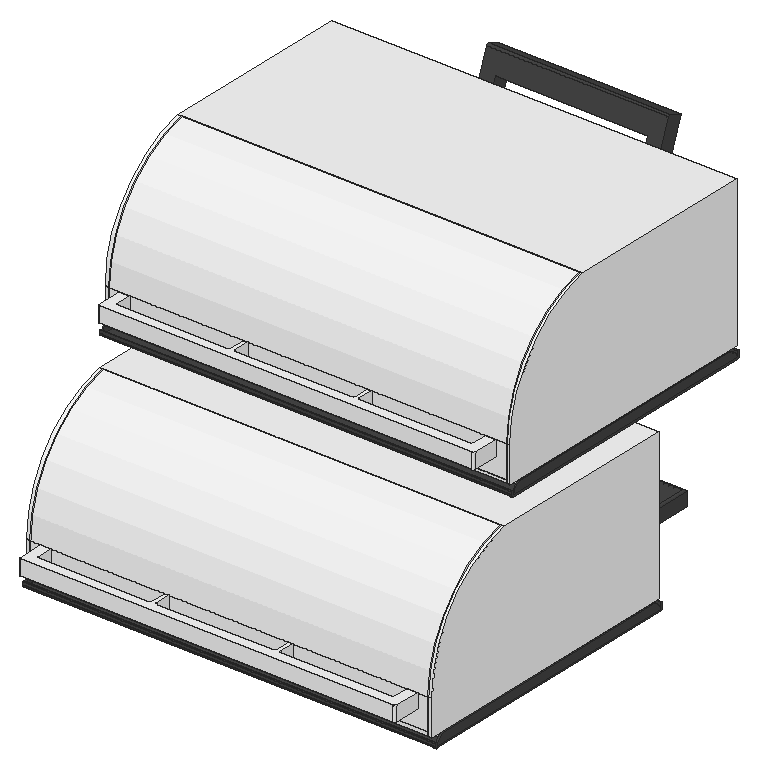
Revit family "QF_Vollrath_ANBCF-06", category Specialty Equipment, Revit 2016
Family settings
  Part Type = Normal
  Round Connector Dimension = Use Diameter
  OmniClass Number = 23.40.40.00
  OmniClass Title = Food Service Equipment and Furnishings
  Work Plane-Based = Yes
  Always vertical = Yes
  Cut with Voids When Loaded = No
  Shared = No
  Room Calculation Point = No
Parameters
  Width = 20 3/8"
  Weight in Pounds = 0
  Watermarked By = ""
  URL Cutsheet = ""
  Specification by User [instance] = ""
  Specification by Manufacturer [instance] = ""
  Serial Number [instance] = ""
  Revision Code [instance] = ""
  NAFEM Spec ID Number [instance] = ""
  Model = "ANBCF-06"
  Masterspec [instance] = ""
  Manufacturer = "Vollrath"
  Item Number [instance] = "-"
  Installed By [instance] = ""
  Height = 17 5/8"
  Furnished By [instance] = ""
  Foodservice Equipment Identifier = yes
  Description = "Set 2 Nose Case & Angled Stand"
  Depth = 22"
  Default Elevation = 48"
  CSI MasterFormat = ""
Reference planes (in)
  plane 1 "BACK": y = 0
  plane 2 "BOTTOM": z = 0
  plane 3 "LEFT": x = -16.56573
  plane 4 "RIGHT": x = 3.80927
  plane 5 "FRONT": y = -22
  plane 6 "TOP": z = 17.625
  plane 7 "Center LR": x = -6.37823
  plane 8 "Top of Lower Support": z = 0.75
  plane 9: y = -15
  plane 10 "L1": x = -11.37823
  plane 11: x = -1.37823
  plane 12 "L2": x = -10.87823
  plane 13: x = -1.87823
  plane 14: z = 9.0625
  plane 15 "Top of Upper Support": z = 9.8125
Forms (in)
  Sweep 1, solid, material "QF_Steel-Paint Finish-Black"
    path origin (0, 0, 0) x (1, 0, 0) y (0, 1, 0)
      loop
        line (-11.37823, 0) -> (-11.37823, -15) -> (-1.37823, -15) -> (-1.37823, 0) -> (-11.37823, 0)
    profile origin (-6.37823, 0, 0) x (0, 1, 0) y (0, 0, 1)
      loop
        line (0, 0) -> (0, 0.64844)
        arc (0, 0.64844) -> (-0.02975, 0.72025) -> (-0.10156, 0.75) r 0.10156
        line (-0.10156, 0.75) -> (-0.5, 0.75) -> (-0.5, 0.67969) -> (-0.10156, 0.67969)
        arc (-0.10156, 0.67969) -> (-0.07947, 0.67053) -> (-0.07031, 0.64844) r 0.03125
        line (-0.07031, 0.64844) -> (-0.07031, 0) -> (0, 0)
  Extrusion 2, solid, material "QF_Steel-Paint Finish-Black"
    sketch origin (0, 0, 0.75) x (0, 1, 0) y (-1, 0, 0)
      loop
        line (-0.5, 10.87823) -> (-14.5, 10.87823) -> (-14.5, 1.87823) -> (-0.5, 1.87823) -> (-0.5, 10.87823)
    from 0 to -0.07031
  Extrusion 3, solid, material "QF_Steel-Paint Finish-Black"
    sketch origin (-16.56573, 0, 0) x (0, 1, 0) y (0, 0, 1)
      loop
        line (-21.89844, 0.75) -> (-8.10156, 0.75)
        arc (-8.10156, 0.75) -> (-8.02975, 0.77975) -> (-8, 0.85156) r 0.10156
        line (-8, 0.85156) -> (-8, 1.13781) -> (-8.07031, 1.13781) -> (-8.07031, 0.85156)
        arc (-8.07031, 0.85156) -> (-8.07947, 0.82947) -> (-8.10156, 0.82031) r 0.03125
        line (-8.10156, 0.82031) -> (-21.89844, 0.82031)
        arc (-21.89844, 0.82031) -> (-21.92053, 0.82947) -> (-21.92969, 0.85156) r 0.03125
        line (-21.92969, 0.85156) -> (-21.92969, 1) -> (-22, 1) -> (-22, 0.85156)
        arc (-22, 0.85156) -> (-21.97025, 0.77975) -> (-21.89844, 0.75) r 0.10156
      loop
        line (-17.1661, 9.8125) -> (-3.36923, 9.8125)
        arc (-3.36923, 9.8125) -> (-3.29741, 9.84225) -> (-3.26766, 9.91406) r 0.10156
        line (-3.26766, 9.91406) -> (-3.26766, 10.20031) -> (-3.33798, 10.20031) -> (-3.33798, 9.91406)
        arc (-3.33798, 9.91406) -> (-3.34713, 9.89197) -> (-3.36923, 9.88281) r 0.03125
        line (-3.36923, 9.88281) -> (-17.1661, 9.88281)
        arc (-17.1661, 9.88281) -> (-17.1882, 9.89197) -> (-17.19735, 9.91406) r 0.03125
        line (-17.19735, 9.91406) -> (-17.19735, 10.0625) -> (-17.26766, 10.0625) -> (-17.26766, 9.91406)
        arc (-17.26766, 9.91406) -> (-17.23792, 9.84225) -> (-17.1661, 9.8125) r 0.10156
    from 0 to 20.375
  Extrusion 4, solid, material "QF_Steel-Paint Finish-Black"
    sketch origin (-10.87823, 0, 0) x (0, 1, 0) y (0, 0, 1)
      loop
        line (-6, 0.75) -> (0.27144, 17.08766) -> (-0.33393, 17.32004)
        arc (-0.33393, 17.32004) -> (-0.41164, 17.318) -> (-0.46514, 17.26162) r 0.10156
        line (-0.46514, 17.26162) -> (-6.80336, 0.75) -> (-6, 0.75)
    from 0 to 9
  Extrusion 5, void
    sketch origin (0, 0, 0) x (1, 0, 0) y (0, 0, 1)
      loop
        line (-10.12823, 16.33766) -> (-10.12823, 1.5) -> (-2.62823, 1.5) -> (-2.62823, 16.33766) -> (-10.12823, 16.33766)
    from 0 to 6.74612
  Sweep 6, solid, material "QF_Steel-Paint Finish-Black"
    path origin (0, 0, 9.8125) x (0, 1, 0) y (-1, 0, 0)
      loop
        line (0, 11.37823) -> (-15, 11.37823) -> (-15, 1.37823) -> (0, 1.37823) -> (0, 11.37823)
    profile origin (-6.37823, 0, 9.8125) x (0, 1, 0) y (0, 0, 1)
      loop
        line (0, -0.75) -> (0, -0.10156)
        arc (0, -0.10156) -> (-0.02975, -0.02975) -> (-0.10156, 0) r 0.10156
        line (-0.10156, 0) -> (-0.5, 0) -> (-0.5, -0.07031) -> (-0.10156, -0.07031)
        arc (-0.10156, -0.07031) -> (-0.07947, -0.07947) -> (-0.07031, -0.10156) r 0.03125
        line (-0.07031, -0.10156) -> (-0.07031, -0.75) -> (0, -0.75)
  Extrusion 7, solid, material "QF_Steel-Paint Finish-Black"
    sketch origin (0, 0, 9.8125) x (0, 1, 0) y (-1, 0, 0)
      loop
        line (-14.5, 1.87823) -> (-0.5, 1.87823) -> (-0.5, 10.87823) -> (-14.5, 10.87823) -> (-14.5, 1.87823)
    from 0 to -0.07031
  Extrusion 8, void
    sketch origin (-11.37823, 0, 0) x (0, 1, 0) y (0, 0, 1)
      loop
        line (-2.64119, 9.0625) -> (0, 9.0625) -> (0, 9.8125) -> (-2.35329, 9.8125) -> (-2.64119, 9.0625)
    from 0 to 10
  Extrusion 9, solid, material "QF_Steel-Paint Finish-Black"
    sketch origin (-16.56573, 0, 0) x (0, 1, 0) y (0, 0, 1)
      loop
        line (-21.89844, 0.75) -> (-8.10156, 0.75)
        arc (-8.10156, 0.75) -> (-8.24801, 1.10355) -> (-8.60156, 1.25) r 0.5
        line (-8.60156, 1.25) -> (-21.39844, 1.25)
        arc (-21.39844, 1.25) -> (-21.75199, 1.10355) -> (-21.89844, 0.75) r 0.5
      loop
        line (-17.1661, 9.8125) -> (-3.36923, 9.8125)
        arc (-3.36923, 9.8125) -> (-3.51567, 10.16605) -> (-3.86923, 10.3125) r 0.5
        line (-3.86923, 10.3125) -> (-16.6661, 10.3125)
        arc (-16.6661, 10.3125) -> (-17.01966, 10.16605) -> (-17.1661, 9.8125) r 0.5
    from 0 to 0.07031
  Extrusion 10, solid, material "QF_Steel-Paint Finish-Black"
    sketch origin (3.80927, 0, 0) x (0, 1, 0) y (0, 0, 1)
      loop
        line (-21.89844, 0.75) -> (-8.10156, 0.75)
        arc (-8.10156, 0.75) -> (-8.24801, 1.10355) -> (-8.60156, 1.25) r 0.5
        line (-8.60156, 1.25) -> (-21.39844, 1.25)
        arc (-21.39844, 1.25) -> (-21.75199, 1.10355) -> (-21.89844, 0.75) r 0.5
      loop
        line (-17.1661, 9.8125) -> (-3.36923, 9.8125)
        arc (-3.36923, 9.8125) -> (-3.51567, 10.16605) -> (-3.86923, 10.3125) r 0.5
        line (-3.86923, 10.3125) -> (-16.6661, 10.3125)
        arc (-16.6661, 10.3125) -> (-17.01966, 10.16605) -> (-17.1661, 9.8125) r 0.5
    from 0 to -0.07031
Cuts and joins
  joined: Sweep 1, Extrusion 2
  Extrusion 5, Extrusion 8 cuts Extrusion 4
  Extrusion 8 cuts Sweep 6
  Extrusion 8 cuts Extrusion 7
  joined: Extrusion 4, Sweep 6, Extrusion 7
Lines and regions (in)
  symbolic lines
    curve 1: line (-1.37823, 0, 9.8125) -> (-11.37823, 0, 9.8125)
    curve 2: line (-11.37823, 0, 9.8125) -> (-11.37823, -8, 9.8125)
    curve 3: line (-1.37823, 0, 9.8125) -> (-1.37823, -8, 9.8125)
    curve 4: line (-16.56573, -3.25, 9.8125) -> (-16.56573, -22, 9.8125)
    curve 5: line (3.80927, -22, 9.8125) -> (3.80927, -3.25, 9.8125)
    curve 6: line (3.80927, -8, 9.8125) -> (3.62177, -8, 9.8125)
    curve 7: line (-16.56573, -8, 9.8125) -> (-16.37823, -8, 9.8125)
    curve 8: line (-16.56573, -22, 9.8125) -> (-16.37823, -22, 9.8125)
    curve 9: line (3.80927, -22, 9.8125) -> (3.62177, -22, 9.8125)
    curve 21: line (-16.37823, -3.25, 9.8125) -> (-16.56573, -3.25, 9.8125)
    curve 22: line (3.62177, -3.25, 9.8125) -> (3.80927, -3.25, 9.8125)
  symbolic lines, style "QF_Details_Undercounter"
    curve 10: line (-11.37823, -8, 9.8125) -> (-11.37823, -15, 9.8125)
    curve 11: line (-11.37823, -15, 9.8125) -> (-1.37823, -15, 9.8125)
    curve 12: line (-1.37823, -15, 9.8125) -> (-1.37823, -8, 9.8125)
  symbolic lines, style "QF_Details_Surface"
    curve 13: line (-10.87823, 0.27144, 9.8125) -> (-1.87823, 0.27144, 9.8125)
    curve 14: line (-10.87823, 0.27144, 9.8125) -> (-10.87823, -6.80336, 9.8125)
    curve 15: line (-1.87823, -6.80336, 9.8125) -> (-1.87823, 0.27144, 9.8125)
    curve 16: line (-1.87823, -6.80336, 9.8125) -> (-10.87823, -6.80336, 9.8125)
    curve 17: line (-10.12823, -0.81982, 9.8125) -> (-2.62823, -0.81982, 9.8125)
    curve 18: line (-2.62823, -6.51546, 9.8125) -> (-10.12823, -6.51546, 9.8125)
    curve 19: line (-10.12823, -0.81982, 9.8125) -> (-10.12823, -6.51546, 9.8125)
    curve 20: line (-2.62823, -6.51546, 9.8125) -> (-2.62823, -0.81982, 9.8125)
Dimensions and locks (in)
  "Width": plane 3 "LEFT" to plane 4 "RIGHT"
  "Depth": plane 5 "FRONT" to plane 1 "BACK"
  equal spacing: plane 3 "LEFT", plane 7 "Center LR", plane 4 "RIGHT"
  "Height": plane 6 "TOP" to plane 2 "BOTTOM"
  locked: plane 8 "Top of Lower Support" to plane 2 "BOTTOM" at 0.75
  locked: plane 9 to plane 1 "BACK" at 15
  equal spacing: plane 10 "L1", plane 7 "Center LR", plane 11, locked at 5 each
  equal spacing: plane 12 "L2", plane 7 "Center LR", plane 13
  locked: plane 15 "Top of Upper Support" to plane 14 at 0.75
  plane 6 "TOP" to plane 15 "Top of Upper Support" = 7 13/16"
  aligned and locked: level to plane 2 "BOTTOM"
  aligned and locked: plane 1 "BACK" to Sweep 1 sketch curve
  aligned and locked: plane 10 "L1" to Sweep 1 sketch curve
  aligned and locked: Sweep 1 sketch curve to plane 9
  aligned and locked: Sweep 1 sketch curve to plane 11
  aligned and locked: profile plane to Sweep 1 sketch curve
  aligned and locked: Sweep 1 sketch curve to profile plane
  aligned and locked: Sweep 1 sketch curve to plane 8 "Top of Lower Support"
  aligned and locked: Extrusion 2 sketch curve to Sweep 1  (x4)
  aligned and locked: plane 4 "RIGHT" to Extrusion 3
  aligned and locked: plane 13 to Extrusion 4
  aligned and locked: profile plane to Sweep 6 sketch curve
  aligned and locked: plane 7 "Center LR" to nested 2
  aligned and locked: plane 7 "Center LR" to nested 1
  aligned and locked: plane 5 "FRONT" to nested 1
  aligned and locked: curve 1 to plane 1 "BACK"
  aligned and locked: curve 2 to plane 10 "L1"
  aligned and locked: curve 3 to plane 11
  aligned and locked: curve 4 to Extrusion 3
  aligned and locked: curve 5 to Extrusion 3
  aligned and locked: curve 13 to cut or joined group of Extrusion 4, Extrusion 5, Sweep 6, Extrusion 7, Extrusion 8
  aligned and locked: curve 14 to cut or joined group of Extrusion 4, Extrusion 5, Sweep 6, Extrusion 7, Extrusion 8
  aligned and locked: curve 15 to cut or joined group of Extrusion 4, Extrusion 5, Sweep 6, Extrusion 7, Extrusion 8
  aligned and locked: curve 16 to cut or joined group of Extrusion 4, Extrusion 5, Sweep 6, Extrusion 7, Extrusion 8
  aligned and locked: curve 17 to cut or joined group of Extrusion 4, Extrusion 5, Sweep 6, Extrusion 7, Extrusion 8
  aligned and locked: curve 18 to cut or joined group of Extrusion 4, Extrusion 5, Sweep 6, Extrusion 7, Extrusion 8
  aligned and locked: cut or joined group of Extrusion 4, Extrusion 5, Sweep 6, Extrusion 7, Extrusion 8 to curve 19
  aligned and locked: curve 20 to cut or joined group of Extrusion 4, Extrusion 5, Sweep 6, Extrusion 7, Extrusion 8
Automatic sketch dimensions
  Sweep 1 sketch curve to Sweep 1 sketch curve = 0"  (x2)
  Sweep 1 sketch curve to Sweep 1 sketch curve = 9/128"
  Sweep 1 sketch curve to Sweep 1 sketch curve = 1/32"
  Sweep 1 sketch curve to Sweep 1 sketch curve = 51/128"
  Extrusion 3 sketch curve to Extrusion 3 sketch curve = 0"  (x8)
  Extrusion 3 sketch curve to plane 5 "FRONT" = 0"
  Extrusion 3 sketch curve to plane 8 "Top of Lower Support" = 0"
  Extrusion 3 sketch curve to plane 15 "Top of Upper Support" = 0"
  Extrusion 3 sketch curve to Extrusion 3 sketch curve = 9/128"  (x2)
  Extrusion 3 sketch curve to Extrusion 3 sketch curve = 1/32"  (x4)
  plane 15 "Top of Upper Support" to Extrusion 3 sketch curve = 1/4"
  plane 9 to Extrusion 3 sketch curve = 2.26766"
  Extrusion 3 sketch curve to plane 9 = 6 115/128"
  plane 1 "BACK" to Extrusion 3 sketch curve = 3.36923"
  Extrusion 3 sketch curve to Extrusion 3 sketch curve = 19/128"
  Extrusion 3 sketch curve to Extrusion 3 sketch curve = 0.28625"  (x2)
  Extrusion 4 sketch curve to plane 8 "Top of Lower Support" = 0"
  plane 1 "BACK" to Extrusion 4 sketch curve = 6.80336"
  Extrusion 4 sketch curve to Extrusion 4 sketch curve = 0.80336"
  plane 1 "BACK" to Extrusion 4 sketch curve = 0.46514"
  Extrusion 4 sketch curve to Extrusion 4 sketch curve = 0.09482"  (x2)
  Extrusion 4 sketch curve to Extrusion 4 sketch curve = 0.0364"
  Extrusion 4 sketch curve to plane 1 "BACK" = 0.27144"
  Extrusion 4 sketch curve to plane 6 "TOP" = 0.53734"
  plane 12 "L2" to Extrusion 5 sketch curve = 3/4"
  Extrusion 5 sketch curve to plane 13 = 3/4"
  plane 8 "Top of Lower Support" to Extrusion 5 sketch curve = 3/4"
  Extrusion 5 sketch curve to plane 6 "TOP" = 1.28734"
  plane 9 to Sweep 6 sketch curve = 0"
  plane 1 "BACK" to Sweep 6 sketch curve = 0"
  Sweep 6 sketch curve to plane 11 = 0"
  Sweep 6 sketch curve to plane 10 "L1" = 0"
  Sweep 6 sketch curve to Sweep 6 sketch curve = 0"  (x2)
  Sweep 6 sketch curve to plane 15 "Top of Upper Support" = 0"
  Sweep 6 sketch curve to Sweep 6 sketch curve = 9/128"
  Sweep 6 sketch curve to Sweep 6 sketch curve = 1/32"
  Sweep 6 sketch curve to Sweep 6 sketch curve = 51/128"
  Sweep 6 sketch curve to Sweep 6 sketch curve = 83/128"
  Extrusion 7 sketch curve to plane 12 "L2" = 0"
  Extrusion 7 sketch curve to plane 13 = 0"
  Extrusion 7 sketch curve to plane 9 = 1/2"
  plane 1 "BACK" to Extrusion 7 sketch curve = 1/2"
  Extrusion 8 sketch curve to plane 14 = 0"
  Extrusion 8 sketch curve to plane 15 "Top of Upper Support" = 0"
  Extrusion 8 sketch curve to plane 1 "BACK" = 0"
  plane 1 "BACK" to Extrusion 8 sketch curve = 2.35329"
  Extrusion 8 sketch curve to Extrusion 8 sketch curve = 0.2879"
  Extrusion 9 sketch curve to plane 8 "Top of Lower Support" = 0"
  Extrusion 9 sketch curve to plane 15 "Top of Upper Support" = 0"
  Extrusion 9 sketch curve to plane 5 "FRONT" = 13/128"
  plane 8 "Top of Lower Support" to Extrusion 9 sketch curve = 1/2"
  plane 9 to Extrusion 9 sketch curve = 2.1661"
  Extrusion 9 sketch curve to Extrusion 9 sketch curve = 1/2"
  Extrusion 9 sketch curve to plane 9 = 6 51/128"
  plane 1 "BACK" to Extrusion 9 sketch curve = 3.86923"
  Extrusion 10 sketch curve to plane 8 "Top of Lower Support" = 0"
  Extrusion 10 sketch curve to plane 15 "Top of Upper Support" = 0"
  Extrusion 10 sketch curve to plane 5 "FRONT" = 13/128"
  plane 8 "Top of Lower Support" to Extrusion 10 sketch curve = 1/2"
  plane 9 to Extrusion 10 sketch curve = 2.1661"
  Extrusion 10 sketch curve to Extrusion 10 sketch curve = 1/2"
  Extrusion 10 sketch curve to plane 9 = 6 51/128"
  plane 1 "BACK" to Extrusion 10 sketch curve = 3.86923"
  plane 5 "FRONT" to curve 9 = 0"
  plane 5 "FRONT" to curve 4 = 0"
  plane 9 to curve 11 = 0"
  curve 2 to curve 14 = 1.19664"
  curve 12 to curve 15 = 1.19664"
  plane 1 "BACK" to curve 4 = 3 1/4"
  curve 3 to curve 6 = 0"
  curve 7 to curve 4 = 4 3/4"
  plane 1 "BACK" to curve 5 = 3 1/4"
  curve 22 to plane 4 "RIGHT" = 3/16"
  curve 9 to plane 4 "RIGHT" = 3/16"
  curve 6 to plane 4 "RIGHT" = 3/16"
  plane 3 "LEFT" to curve 8 = 3/16"
  plane 3 "LEFT" to curve 21 = 3/16"
  plane 3 "LEFT" to curve 7 = 3/16"
Nested families (in)
  nested 1: "QF_Vollrath_ANBCF-06_Case" at (0.1875, -8, 0.82031), type "QF_Vollrath_ANBCF-06_Case"
    with Specification by User "", Specification by Manufacturer "", Serial Number "", Revision Code "", NAFEM Spec ID Number "", Masterspec "", Item Number "-", Installed By "", Furnished By ""
  nested 2: "QF_Vollrath_ANBCF-06_Case" at (0.1875, -3.14844, 9.88281), type "QF_Vollrath_ANBCF-06_Case"
    with Specification by User "", Specification by Manufacturer "", Serial Number "", Revision Code "", NAFEM Spec ID Number "", Masterspec "", Item Number "-", Installed By "", Furnished By ""
Definition of nested family "QF_Vollrath_ANBCF-06_Case"
  Parameters
    Width = 20"
    Weight in Pounds = 0
    Watermarked By = ""
    URL Cutsheet = ""
    Specification by User [instance] = ""
    Specification by Manufacturer [instance] = ""
    Serial Number [instance] = ""
    Revision Code [instance] = ""
    NAFEM Spec ID Number [instance] = ""
    Model = "NBC11"
    Masterspec [instance] = ""
    Manufacturer = "Vollrath"
    Item Number [instance] = "-"
    Installed By [instance] = ""
    Height = 7 3/8"
    Furnished By [instance] = ""
    Foodservice Equipment Identifier = yes
    Description = "Full Size Nose Case with Front Door"
    Depth = 14"
    Default Elevation = 48"
    CSI MasterFormat = ""
  Reference planes (in)
    plane 1 "BACK": y = 0
    plane 2 "BOTTOM": z = 0
    plane 3 "LEFT": x = -16.56573
    plane 4 "RIGHT": x = 3.43427
    plane 5 "Front Inner": y = -14
    plane 6 "Bottom of Body": z = 0.38
    plane 7 "TOP": z = 7.755
    plane 8 "Caster Left": x = -16.00573
    plane 9 "Caster Right": x = 2.87427
    plane 10 "Caster Back": y = -0.56
    plane 11 "Caster Front": y = -13
    plane 12 "Center LR": x = -6.56573
    plane 13: x = -15.31573
    plane 14 "Bottom Handle": z = 1.38
    plane 15: z = 2.13
    plane 16: y = -15.37
  Forms (in)
    Extrusion 1, solid
      sketch origin (0, 0, 0) x (1, 0, 0) y (0, 0, 1)
        loop
          line (-16.39573, 0.38) -> (3.26427, 0.38) -> (3.26427, 0.55) -> (-16.39573, 0.55) -> (-16.39573, 0.38)
      from 0 to 14
    Extrusion 2, solid
      sketch origin (0, 0, 0) x (1, 0, 0) y (0, 0, 1)
        loop
          line (3.26427, 7.505) -> (-16.39573, 7.505) -> (-16.39573, 0.55) -> (3.26427, 0.55) -> (3.26427, 7.505)
      from 0 to 0.17
    Blend 3, solid
      base sketch origin (0, 0, 0) x (1, 0, 0) y (0, 1, 0)
        loop
          circle (-16.00573, -0.56) r 0.35
      top sketch origin (0, 0, 0) x (1, 0, 0) y (0, 1, 0)
        loop
          circle (-16.00573, -0.56) r 0.38
      from 0 to 0.38
    Blend 4, solid
      base sketch origin (0, 0, 0) x (1, 0, 0) y (0, 1, 0)
        loop
          circle (2.87427, -0.56) r 0.35
      top sketch origin (0, 0, 0) x (1, 0, 0) y (0, 1, 0)
        loop
          circle (2.87427, -0.56) r 0.38
      from 0 to 0.38
    Blend 5, solid
      base sketch origin (0, 0, 0) x (1, 0, 0) y (0, 1, 0)
        loop
          circle (-16.00573, -13) r 0.35
      top sketch origin (0, 0, 0) x (1, 0, 0) y (0, 1, 0)
        loop
          circle (-16.00573, -13) r 0.38
      from 0 to 0.38
    Blend 6, solid
      base sketch origin (0, 0, 0) x (1, 0, 0) y (0, 1, 0)
        loop
          circle (2.87427, -13) r 0.35
      top sketch origin (0, 0, 0) x (1, 0, 0) y (0, 1, 0)
        loop
          circle (2.87427, -13) r 0.38
      from 0 to 0.38
    Extrusion 7, solid
      sketch origin (-16.56573, 0, 0) x (0, 1, 0) y (0, 0, 1)
        loop
          line (-14, 0.38) -> (0, 0.38) -> (0, 7.755) -> (-9.5, 7.755)
          arc (-9.5, 7.755) -> (-12.73657, 5.73176) -> (-14, 2.13) r 5.76562
          line (-14, 2.13) -> (-14, 0.38)
      from 0 to 0.17188
    Extrusion 8, solid
      sketch origin (3.43427, 0, 0) x (0, 1, 0) y (0, 0, 1)
        loop
          line (0, 7.755) -> (-9.5, 7.755)
          arc (-9.5, 7.755) -> (-12.73657, 5.73176) -> (-14, 2.13) r 5.76563
          line (-14, 2.13) -> (-14, 0.38) -> (0, 0.38) -> (0, 7.755)
      from 0 to -0.17188
    Extrusion 9, solid
      sketch origin (-16.56573, 0, 0) x (0, 1, 0) y (0, 0, 1)
        loop
          line (0, 7.755) -> (-9.5, 7.755) -> (-9.5, 7.505) -> (0, 7.505) -> (0, 7.755)
      from 0 to 20
    Extrusion 10, solid
      sketch origin (-16.56573, 0, 0) x (0, 1, 0) y (0, 0, 1)
        loop
          arc (-9.5, 7.755) -> (-12.73657, 5.73176) -> (-14, 2.13) r 5.76562
          line (-14, 2.13) -> (-14, 0.55) -> (-13.82813, 0.55) -> (-13.82813, 2.13)
          arc (-13.82813, 2.13) -> (-12.61442, 5.60926) -> (-9.5, 7.57869) r 5.59375
          line (-9.5, 7.57869) -> (-9.5, 7.755)
      from 0.17 to 19.83
    Extrusion 11, solid
      sketch origin (0, 0, 1.38) x (0, 1, 0) y (-1, 0, 0)
        loop
          arc (-15.37, -2.63271) -> (-15.34025, -2.70453) -> (-15.26844, -2.73427) r 0.10156
          line (-15.26844, -2.73427) -> (-14, -2.73427) -> (-14, -2.23427) -> (-14.76844, -2.23427)
          arc (-14.76844, -2.23427) -> (-14.84025, -2.20453) -> (-14.87, -2.13271) r 0.10156
          line (-14.87, -2.13271) -> (-14.87, 3.3126)
          arc (-14.87, 3.3126) -> (-14.84025, 3.38442) -> (-14.76844, 3.41416) r 0.10156
          line (-14.76844, 3.41416) -> (-14, 3.41416) -> (-14, 3.58604) -> (-14.76844, 3.58604)
          arc (-14.76844, 3.58604) -> (-14.84025, 3.61578) -> (-14.87, 3.6876) r 0.10156
          line (-14.87, 3.6876) -> (-14.87, 9.44385)
          arc (-14.87, 9.44385) -> (-14.84025, 9.51567) -> (-14.76844, 9.54541) r 0.10156
          line (-14.76844, 9.54541) -> (-14, 9.54541) -> (-14, 9.71729) -> (-14.76844, 9.71729)
          arc (-14.76844, 9.71729) -> (-14.84025, 9.74703) -> (-14.87, 9.81885) r 0.10156
          line (-14.87, 9.81885) -> (-14.87, 15.26416)
          arc (-14.87, 15.26416) -> (-14.84025, 15.33598) -> (-14.76844, 15.36573) r 0.10156
          line (-14.76844, 15.36573) -> (-14, 15.36573) -> (-14, 15.86573) -> (-15.26844, 15.86573)
          arc (-15.26844, 15.86573) -> (-15.34025, 15.83598) -> (-15.37, 15.76416) r 0.10156
          line (-15.37, 15.76416) -> (-15.37, -2.63271)
      from 0 to 0.75
  Cuts and joins
    joined: Extrusion 7, Extrusion 8, Extrusion 9
  Lines and regions (in)
    symbolic lines
      curve 1: line (-16.56573, 0, 0) -> (3.43427, 0, 0)
      curve 2: line (-16.56573, -14, 0) -> (-16.56573, 0, 0)
      curve 3: line (3.43427, -14, 0) -> (-16.56573, -14, 0)
      curve 4: line (3.43427, 0, 0) -> (3.43427, -14, 0)
      curve 5: line (-15.86573, -14, 1.38) -> (-15.86573, -15.26844, 1.38)
      curve 6: arc (-15.86573, -15.26844, 1.38) -> (-15.83598, -15.34025, 1.38) -> (-15.76416, -15.37, 1.38) r 0.10156
      curve 7: line (-15.76416, -15.37, 1.38) -> (2.63271, -15.37, 1.38)
      curve 8: arc (2.63271, -15.37, 1.38) -> (2.70453, -15.34025, 1.38) -> (2.73427, -15.26844, 1.38) r 0.10156
      curve 9: line (2.73427, -15.26844, 1.38) -> (2.73427, -14, 1.38)
      curve 10: line (2.23427, -14, 1.38) -> (2.23427, -14.76844, 1.38)
      curve 11: arc (2.23427, -14.76844, 1.38) -> (2.20453, -14.84025, 1.38) -> (2.13271, -14.87, 1.38) r 0.10156
      curve 12: line (2.13271, -14.87, 1.38) -> (-3.3126, -14.87, 1.38)
      curve 13: arc (-3.3126, -14.87, 1.38) -> (-3.38442, -14.84025, 1.38) -> (-3.41416, -14.76844, 1.38) r 0.10156
      curve 14: line (-3.41416, -14.76844, 1.38) -> (-3.41416, -14, 1.38)
      curve 15: line (-3.58604, -14, 1.38) -> (-3.58604, -14.76844, 1.38)
      curve 16: arc (-3.58604, -14.76844, 1.38) -> (-3.61578, -14.84025, 1.38) -> (-3.6876, -14.87, 1.38) r 0.10156
      curve 17: line (-3.6876, -14.87, 1.38) -> (-9.44385, -14.87, 1.38)
      curve 18: arc (-9.44385, -14.87, 1.38) -> (-9.51567, -14.84025, 1.38) -> (-9.54541, -14.76844, 1.38) r 0.10156
      curve 19: line (-9.54541, -14.76844, 1.38) -> (-9.54541, -14, 1.38)
      curve 20: line (-9.71729, -14, 1.38) -> (-9.71729, -14.76844, 1.38)
      curve 21: arc (-9.71729, -14.76844, 1.38) -> (-9.74703, -14.84025, 1.38) -> (-9.81885, -14.87, 1.38) r 0.10156
      curve 22: line (-9.81885, -14.87, 1.38) -> (-15.26416, -14.87, 1.38)
      curve 23: arc (-15.26416, -14.87, 1.38) -> (-15.33598, -14.84025, 1.38) -> (-15.36573, -14.76844, 1.38) r 0.10156
      curve 24: line (-15.36573, -14.76844, 1.38) -> (-15.36573, -14, 1.38)
  Dimensions and locks (in)
    "Width": plane 3 "LEFT" to plane 4 "RIGHT"
    "Depth": plane 5 "Front Inner" to plane 1 "BACK"
    locked: plane 6 "Bottom of Body" to plane 2 "BOTTOM" at 0.38
    "Height": plane 7 "TOP" to plane 6 "Bottom of Body"
    locked: plane 3 "LEFT" to plane 8 "Caster Left" at 0.56
    locked: plane 9 "Caster Right" to plane 4 "RIGHT" at 0.56
    locked: plane 10 "Caster Back" to plane 1 "BACK" at 0.56
    locked: plane 5 "Front Inner" to plane 11 "Caster Front" at 1
    locked: Extrusion 1 sketch curve to plane 6 "Bottom of Body" at 0.17
    equal spacing: plane 3 "LEFT", plane 12 "Center LR", plane 4 "RIGHT"
    locked: plane 15 to plane 14 "Bottom Handle" at 0.75
    locked: plane 14 "Bottom Handle" to plane 6 "Bottom of Body" at 1
    locked: plane 16 to plane 5 "Front Inner" at 1.37
    aligned and locked: level to plane 2 "BOTTOM"
    aligned and locked: Extrusion 1 sketch curve to plane 6 "Bottom of Body"
    aligned and locked: plane 5 "Front Inner" to Extrusion 1
    aligned and locked: Extrusion 2 sketch curve to Extrusion 1  (x2)
    aligned and locked: plane 6 "Bottom of Body" to Blend 3
    aligned and locked: plane 6 "Bottom of Body" to Blend 4
    aligned and locked: plane 6 "Bottom of Body" to Blend 5
    aligned and locked: plane 6 "Bottom of Body" to Blend 6
    aligned and locked: plane 1 "BACK" to Extrusion 7 sketch curve
    aligned and locked: Extrusion 7 sketch curve to plane 7 "TOP"
    aligned and locked: plane 5 "Front Inner" to Extrusion 7 sketch curve
    aligned and locked: plane 6 "Bottom of Body" to Extrusion 7 sketch curve
    aligned and locked: Extrusion 9 sketch curve to plane 7 "TOP"
    aligned and locked: Extrusion 9 sketch curve to plane 1 "BACK"
    aligned and locked: plane 4 "RIGHT" to Extrusion 9
    aligned and locked: Extrusion 1 to Extrusion 10 sketch curve
    aligned and locked: Extrusion 10 sketch curve to plane 5 "Front Inner"
    aligned and locked: plane 15 to Extrusion 11
    aligned and locked: curve 5 to Extrusion 11
    aligned and locked: curve 7 to Extrusion 11
    aligned and locked: curve 9 to Extrusion 11
    aligned and locked: curve 10 to Extrusion 11
    aligned and locked: curve 12 to Extrusion 11
    aligned and locked: curve 14 to Extrusion 11
    aligned and locked: curve 15 to Extrusion 11
    aligned and locked: curve 17 to Extrusion 11
    aligned and locked: curve 19 to Extrusion 11
    aligned and locked: curve 20 to Extrusion 11
    aligned and locked: curve 22 to Extrusion 11
    aligned and locked: curve 24 to Extrusion 11
  Automatic sketch dimensions
    Blend 3 sketch curve to plane 8 "Caster Left" = 0"  (x2)
    plane 10 "Caster Back" to Blend 3 sketch curve = 0"  (x2)
    Blend 4 sketch curve to plane 9 "Caster Right" = 0"  (x2)
    plane 10 "Caster Back" to Blend 4 sketch curve = 0"  (x2)
    Blend 5 sketch curve to plane 8 "Caster Left" = 0"  (x2)
    plane 11 "Caster Front" to Blend 5 sketch curve = 0"  (x2)
    Blend 6 sketch curve to plane 9 "Caster Right" = 0"  (x2)
    plane 11 "Caster Front" to Blend 6 sketch curve = 0"  (x2)
    Extrusion 2 sketch curve to plane 4 "RIGHT" = 0.17"
    Extrusion 2 sketch curve to plane 7 "TOP" = 1/4"
    plane 3 "LEFT" to Extrusion 1 sketch curve = 0.17"
    curve 3 to plane 3 "LEFT" = 0"
    plane 1 "BACK" to curve 2 = 0"
    Extrusion 1 sketch curve to plane 4 "RIGHT" = 0.17"
    curve 3 to plane 4 "RIGHT" = 0"
    plane 5 "Front Inner" to curve 3 = 0"
    Extrusion 7 sketch curve to plane 11 "Caster Front" = 3 1/2"
    plane 6 "Bottom of Body" to Extrusion 7 sketch curve = 1 3/4"
    Extrusion 8 sketch curve to plane 5 "Front Inner" = 0"
    Extrusion 8 sketch curve to plane 7 "TOP" = 0"
    Extrusion 8 sketch curve to plane 1 "BACK" = 0"
    Extrusion 8 sketch curve to plane 6 "Bottom of Body" = 0"
    plane 6 "Bottom of Body" to Extrusion 8 sketch curve = 1 3/4"
    Extrusion 8 sketch curve to Extrusion 8 sketch curve = 5 49/64"
    Extrusion 9 sketch curve to plane 7 "TOP" = 1/4"
    Extrusion 9 sketch curve to plane 11 "Caster Front" = 3 1/2"
    Extrusion 10 sketch curve to Extrusion 10 sketch curve = 0"  (x2)
    Extrusion 10 sketch curve to plane 7 "TOP" = 0"
    Extrusion 10 sketch curve to plane 5 "Front Inner" = 11/64"
    Extrusion 10 sketch curve to plane 11 "Caster Front" = 3 1/2"
    plane 6 "Bottom of Body" to Extrusion 10 sketch curve = 1 3/4"
    plane 16 to Extrusion 11 sketch curve = 0"
    plane 5 "Front Inner" to Extrusion 11 sketch curve = 0"  (x4)
    Extrusion 11 sketch curve to Extrusion 11 sketch curve = 13/128"  (x7)
    Extrusion 11 sketch curve to plane 16 = 13/128"
    Extrusion 11 sketch curve to plane 16 = 1/2"  (x2)
    Extrusion 11 sketch curve to Extrusion 11 sketch curve = 0"
    Extrusion 11 sketch curve to plane 13 = 0.05"
    Extrusion 11 sketch curve to plane 12 "Center LR" = 3.25313"
    Extrusion 11 sketch curve to Extrusion 11 sketch curve = 11/64"  (x2)
    plane 12 "Center LR" to Extrusion 11 sketch curve = 2.87813"
    Extrusion 11 sketch curve to plane 9 "Caster Right" = 0.74156"
    Extrusion 11 sketch curve to plane 9 "Caster Right" = 0.24156"
    plane 8 "Caster Left" to Extrusion 11 sketch curve = 0.24156"
    plane 5 "Front Inner" to curve 5 = 0"
    curve 5 to plane 16 = 13/128"
    curve 8 to curve 8 = 13/128"
    plane 5 "Front Inner" to curve 9 = 0"
    plane 5 "Front Inner" to curve 10 = 0"
    curve 10 to curve 11 = 13/128"
    plane 5 "Front Inner" to curve 14 = 0"
    plane 5 "Front Inner" to curve 15 = 0"
    curve 15 to curve 13 = 0"
    curve 15 to curve 16 = 13/128"
    plane 5 "Front Inner" to curve 19 = 0"
    plane 5 "Front Inner" to curve 20 = 0"
    curve 20 to curve 18 = 0"
    curve 20 to curve 21 = 13/128"
    plane 13 to curve 22 = 0.05156"
    plane 5 "Front Inner" to curve 24 = 0"
    radius of Blend 3 sketch curve = 0.35"
    radius of Blend 3 sketch curve = 0.38"
    radius of Blend 4 sketch curve = 0.35"
    radius of Blend 4 sketch curve = 0.38"
    radius of Blend 5 sketch curve = 0.35"
    radius of Blend 5 sketch curve = 0.38"
    radius of Blend 6 sketch curve = 0.35"
    radius of Blend 6 sketch curve = 0.38"
